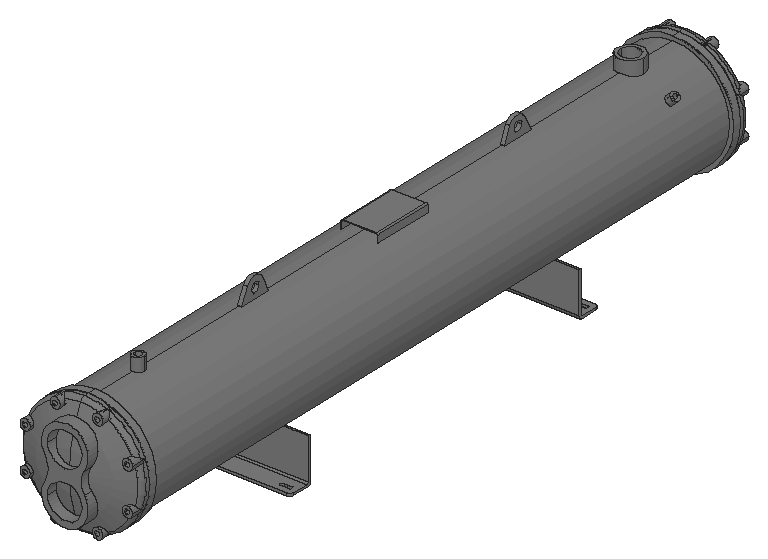
Revit family "MIT-BC_450_4P", category Specialty Equipment, Revit 2022
Family settings
  Round Connector Dimension = Use Radius
  Part Type = Normal
  Work Plane-Based = No
  Always vertical = Yes
  Cut with Voids When Loaded = No
  Maintain Annotation Orientation = No
  Shared = No
  Room Calculation Point = No
Parameters
  URL = "https://en.ekinendustriyel.com/evaporators-and-condensers"
  Test Pressure = 64.35 bar
  Production Standard = "TS EN 13831"
  Operating Pressure = 45.0 bar
  Model = "MIT-BC 450_4P"
  Manufacturer = "Ekin Endüstriyel"
  Keynote = "Condensers"
  Description = "MIT- Condensers"
  Default Elevation = 0 mm
Reference planes
  plane 1 "Center (Front/Back)": y = 0
  plane 2: z = 0
  plane 3 "Center (Left/Right)": x = 0
Forms (mm)
  Extrusion 1, solid, material "Ekin Endustriyel-S235JR", detail levels medium+fine
    sketch origin (0, 0, 0) x (1, 0, 0) y (0, 0, 1)
      loop
        circle (0, 216.5) r 136.55
    from -880 to 880
  Extrusion 2, solid, material "Ekin Endustriyel-S235JR", detail levels medium+fine
    sketch origin (0, 0, 109.887) x (1, 0, 0) y (0, 0, 1)
      loop
        line (-45, 199.589) -> (-44, 199.589) -> (-44, 252.88)
        arc (-44, 252.88) -> (-43.414, 254.294) -> (-42, 254.88) r 2
        line (-42, 254.88) -> (42, 254.88)
        arc (42, 254.88) -> (43.414, 254.294) -> (44, 252.88) r 2
        line (44, 252.88) -> (44, 197.364) -> (45, 197.364) -> (45, 252.88)
        arc (45, 252.88) -> (44.121, 255.002) -> (42, 255.88) r 3
        line (42, 255.88) -> (-42, 255.88)
        arc (-42, 255.88) -> (-44.121, 255.002) -> (-45, 252.88) r 3
        line (-45, 252.88) -> (-45, 199.589)
    from -75 to 75
  Extrusion 3, solid, material "Ekin Endustriyel-S235JR", detail levels medium+fine
    sketch origin (0, 500.19, 28.671) x (1, 0, 0) y (0, 1, 0)
      loop
        circle (0, 249.81) r 32.5
      loop
        circle (0, 249.81) r 23.144
    from 354.329 to 306.293
  Extrusion 4, solid, material "Ekin Endustriyel-S235JR", detail levels medium+fine
    sketch origin (0, -499.666, 25.55) x (1, 0, 0) y (0, 1, 0)
      loop
        circle (0, -250.334) r 15
      loop
        circle (0, -250.334) r 8.928
    from 357.653 to 211.07
  Extrusion 5, solid, material "Ekin Endustriyel-S235JR", detail levels medium+fine
    sketch origin (71.72, 749.856, 264.541) x (0, 1, 0) y (-0.707107, 0, 0.707107)
      loop
        circle (0.144, 16.744) r 11
      loop
        circle (0.144, 16.744) r 6.244
    from 69.372 to -32.02
  Extrusion 6, solid, material "Ekin Endustriyel-S235JR", detail levels medium+fine
    sketch origin (0, -500.291, 0) x (1, 0, 0) y (0, 1, 0)
      loop
        circle (0, -249.709) r 25
      loop
        circle (0, -249.709) r 20.109
    from 50 to 169.15
  Extrusion 7, solid, material "Ekin Endustriyel-S235JR", detail levels coarse
    sketch origin (0, 0, 12.15) x (1, 0, 0) y (0, 0, 1)
      loop
        circle (0, 204.35) r 147.5
    from -953 to 973.026
  Extrusion 8, solid, material "Ekin Endustriyel-S235JR", detail levels medium+fine
    sketch origin (0, -275.334, 0) x (0, -1, 0) y (0, 0, -1)
      loop
        line (134.666, -9) -> (134.666, -110) -> (139.666, -110) -> (139.666, -9)
        arc (139.666, -9) -> (140.837, -6.172) -> (143.666, -5) r 4
        line (143.666, -5) -> (194.666, -5) -> (194.666, 0) -> (143.666, 0)
        arc (143.666, 0) -> (137.302, -2.636) -> (134.666, -9) r 9
    from -147.5 to 147.5
  Extrusion 9, void
    sketch origin (0, -470, 5) x (0, 1, 0) y (-1, 0, 0)
      loop
        arc (25.25, -111) -> (20, -105.75) -> (14.75, -111) r 5.25
        line (14.75, -111) -> (14.75, -131)
        arc (14.75, -131) -> (20, -136.25) -> (25.25, -131) r 5.25
        line (25.25, -131) -> (25.25, -111)
      loop
        arc (10, -147.5) -> (2.929, -144.571) -> (0, -137.5) r 10
        line (0, -137.5) -> (0, 137.5)
        arc (0, 137.5) -> (2.929, 144.571) -> (10, 147.5) r 10
        line (10, 147.5) -> (-10, 147.5) -> (-10, -147.5) -> (10, -147.5)
      loop
        line (14.75, 131) -> (14.75, 111)
        arc (14.75, 111) -> (20, 105.75) -> (25.25, 111) r 5.25
        line (25.25, 111) -> (25.25, 131)
        arc (25.25, 131) -> (20, 136.25) -> (14.75, 131) r 5.25
    from -5 to 0
  Extrusion 10, solid, material "Ekin Endustriyel-S235JR", detail levels medium+fine
    sketch origin (40, -549.666, 12.133) x (1, 0, 0) y (0, 0, 1)
      loop
        circle (-40, 261.867) r 42.65
      loop
        circle (-40, 146.867) r 42.65
      loop
        arc (7.514, 231.018) -> (-40, 318.517) -> (-87.514, 231.018) r 56.65
        arc (-87.514, 231.018) -> (-80.172, 204.367) -> (-87.514, 177.716) r 52.041
        arc (-87.514, 177.716) -> (-40, 90.217) -> (7.514, 177.716) r 56.65
        arc (7.514, 177.716) -> (0.172, 204.367) -> (7.514, 231.018) r 52.041
    from 390.526 to 423.361
  Extrusion 11, solid, material "Ekin Endustriyel-S235JR", detail levels medium+fine
    sketch origin (0, -549.666, 12.133) x (1, 0, 0) y (0, 0, -1)
      loop
        circle (-51.638, -329.097) r 12.5
      loop
        circle (-51.662, -329.09) r 6.25
      loop
        circle (51.638, -329.097) r 12.5
      loop
        circle (51.662, -329.09) r 6.25
      loop
        circle (-51.638, -79.637) r 12.5
      loop
        circle (-51.662, -79.643) r 6.25
      loop
        circle (51.638, -79.637) r 12.5
      loop
        circle (51.662, -79.643) r 6.25
      loop
        circle (-124.73, -152.728) r 12.5
      loop
        circle (-124.724, -152.704) r 6.25
      loop
        circle (-124.73, -256.005) r 12.5
      loop
        circle (-124.724, -256.029) r 6.25
      loop
        circle (124.73, -152.728) r 12.5
      loop
        circle (124.724, -152.704) r 6.25
      loop
        circle (124.73, -256.005) r 12.5
      loop
        circle (124.724, -256.029) r 6.25
    from -388.334 to -355.334
  Extrusion 12, solid, material "Ekin Endustriyel-S235JR", detail levels medium+fine
    sketch origin (0, -0.334, 79.238) x (0, -1, 0) y (0, 0, -1)
      loop
        line (-453.891, -245.912) -> (-422.806, -309.676)
        arc (-422.806, -309.676) -> (-400.334, -323.721) -> (-377.863, -309.676) r 25
        line (-377.863, -309.676) -> (-346.778, -245.912) -> (-453.891, -245.912)
      loop
        circle (-400.334, -298.721) r 12.5
      loop
        line (448.438, -255.726) -> (350.893, -255.726) -> (377.194, -309.676)
        arc (377.194, -309.676) -> (399.666, -323.721) -> (422.137, -309.676) r 25
        line (422.137, -309.676) -> (448.438, -255.726)
      loop
        circle (399.666, -298.721) r 12.5
    from -5 to 5
  Extrusion 13, solid, material "Ekin Endustriyel-S235JR", detail levels medium+fine
    sketch origin (0, -549.666, 12.133) x (1, 0, 0) y (0, 0, 1)
      loop
        circle (0, 204.367) r 147.5
    from 330.334 to 350.334
  Revolve 14, solid, material "Ekin Endustriyel-S235JR", detail levels medium+fine
    sketch origin (0, -549.666, 12.133) x (0, 1, 0) y (0, 0, 1)
      loop
        line (-350.334, 351.867) -> (-361.403, 351.867)
        arc (-361.403, 351.867) -> (-369.114, 349.693) -> (-374.553, 343.811) r 14.761
        arc (-374.553, 343.811) -> (-399.668, 276.073) -> (-408.463, 204.367) r 310.769
        line (-408.463, 204.367) -> (-350.334, 204.367) -> (-350.334, 351.867)
      axis (-350.334, 204.367) -> (-408.463, 204.367)
    angle from 0 to 360
  Extrusion 15, solid, material "Ekin Endustriyel-S235JR", detail levels medium+fine
    sketch origin (0, 275.334, 0) x (0, 1, 0) y (0, 0, 1)
      loop
        arc (134.666, 9) -> (137.302, 2.636) -> (143.666, 0) r 9
        line (143.666, 0) -> (194.666, 0) -> (194.666, 5) -> (143.666, 5)
        arc (143.666, 5) -> (140.837, 6.172) -> (139.666, 9) r 4
        line (139.666, 9) -> (139.666, 110) -> (134.666, 110) -> (134.666, 9)
    from -147.5 to 147.5
  Extrusion 16, void
    sketch origin (0, 470, 5) x (0, -1, 0) y (1, 0, 0)
      loop
        line (25.25, 111) -> (25.25, 131)
        arc (25.25, 131) -> (20, 136.25) -> (14.75, 131) r 5.25
        line (14.75, 131) -> (14.75, 111)
        arc (14.75, 111) -> (20, 105.75) -> (25.25, 111) r 5.25
      loop
        line (10, 147.5) -> (-10, 147.5) -> (-10, -147.5) -> (10, -147.5)
        arc (10, -147.5) -> (2.929, -144.571) -> (0, -137.5) r 10
        line (0, -137.5) -> (0, 137.5)
        arc (0, 137.5) -> (2.929, 144.571) -> (10, 147.5) r 10
      loop
        arc (14.75, -131) -> (20, -136.25) -> (25.25, -131) r 5.25
        line (25.25, -131) -> (25.25, -111)
        arc (25.25, -111) -> (20, -105.75) -> (14.75, -111) r 5.25
        line (14.75, -111) -> (14.75, -131)
    from -5 to 0
  Extrusion 17, solid, material "Ekin Endustriyel-S235JR", detail levels medium+fine
    sketch origin (0, 549.666, 12.133) x (1, 0, 0) y (0, 0, 1)
      loop
        circle (-51.638, 329.097) r 12.5
      loop
        circle (-51.662, 329.09) r 6.25
      loop
        circle (51.638, 329.097) r 12.5
      loop
        circle (51.662, 329.09) r 6.25
      loop
        circle (-51.638, 79.637) r 12.5
      loop
        circle (-51.662, 79.643) r 6.25
      loop
        circle (51.638, 79.637) r 12.5
      loop
        circle (51.662, 79.643) r 6.25
      loop
        circle (-124.73, 152.728) r 12.5
      loop
        circle (-124.724, 152.704) r 6.25
      loop
        circle (-124.73, 256.005) r 12.5
      loop
        circle (-124.724, 256.029) r 6.25
      loop
        circle (124.73, 152.728) r 12.5
      loop
        circle (124.724, 152.704) r 6.25
      loop
        circle (124.73, 256.005) r 12.5
      loop
        circle (124.724, 256.029) r 6.25
    from -388.334 to -355.334
  Extrusion 18, solid, material "Ekin Endustriyel-S235JR", detail levels medium+fine
    sketch origin (0, 549.666, 12.133) x (1, 0, 0) y (0, 0, -1)
      loop
        circle (0, -204.367) r 147.5
    from 330.334 to 350.334
  Revolve 19, solid, material "Ekin Endustriyel-S235JR", detail levels medium+fine
    sketch origin (0, 549.666, 12.133) x (0, -1, 0) y (0, 0, -1)
      loop
        line (-350.334, -351.867) -> (-350.334, -204.367) -> (-408.463, -204.367)
        arc (-408.463, -204.367) -> (-399.668, -276.073) -> (-374.553, -343.811) r 310.769
        arc (-374.553, -343.811) -> (-369.114, -349.693) -> (-361.403, -351.867) r 14.761
        line (-361.403, -351.867) -> (-350.334, -351.867)
      axis (-350.334, -204.367) -> (-408.463, -204.367)
    angle from 0 to 360
Cuts and joins
  Extrusion 9, Extrusion 16 cuts Extrusion 8
  Extrusion 16 cuts Extrusion 15
  joined: Extrusion 1, Extrusion 2, Extrusion 3, Extrusion 4, Extrusion 5, Extrusion 6, Extrusion 8, Extrusion 12, Extrusion 15
Dimensions and locks
  aligned and locked: level to plane 2
Connectors
  piping at (0, -973.026, 274), diameter 76.2
    settings: on Extrusion 10, index 1, connector inside diameter 609.6 mm, connector length 0 mm, flow factor 0, pipe flow 0.0 L/s, pressure drop 0.0 Pa, fitting loss kfactor 0, connector angle 0.00°, fixture units 0, engagement length 0 mm, angle of deflection 0.00°, flow configuration 0, flow direction 1, fitting loss method 0, system type 7, joint type 0, gender type 0, connector reference index -1, connector utility 0, adjustable connector no, is connector primary yes, connector description ""
  piping at (0, -973.026, 159), diameter 76.2
    settings: on Extrusion 10, index 2, connector inside diameter 609.6 mm, connector length 0 mm, flow factor 0, pipe flow 0.0 L/s, pressure drop 0.0 Pa, fitting loss kfactor 0, connector angle 0.00°, fixture units 0, engagement length 0 mm, angle of deflection 0.00°, flow configuration 0, flow direction 2, fitting loss method 0, system type 7, joint type 0, gender type 0, connector reference index -1, connector utility 0, adjustable connector no, is connector primary no, connector description ""
  hvac at (0, 750, 383)
    settings: on Extrusion 3, index 3, duct flow 0.0 L/s, flow factor 0, pres drop 0.0 bar, loss coef 0, conn angle 0.00°, conn width 304.8 mm, conn height 304.8 mm, conn diameter 54 mm, duct sys type 3, conn prof type 0, flow config 0, flow direction 0, loss method 0, conn ref index -1, conn util no, is conn primary yes, conn desc ""
  hvac at (0, -750, 50)
    settings: on Extrusion 6, index 4, duct flow 0.0 L/s, flow factor 0, pres drop 0.0 bar, loss coef 0, conn angle 0.00°, conn width 304.8 mm, conn height 304.8 mm, conn diameter 42 mm, duct sys type 3, conn prof type 0, flow config 0, flow direction 0, loss method 0, conn ref index -1, conn util no, is conn primary no, conn desc ""
